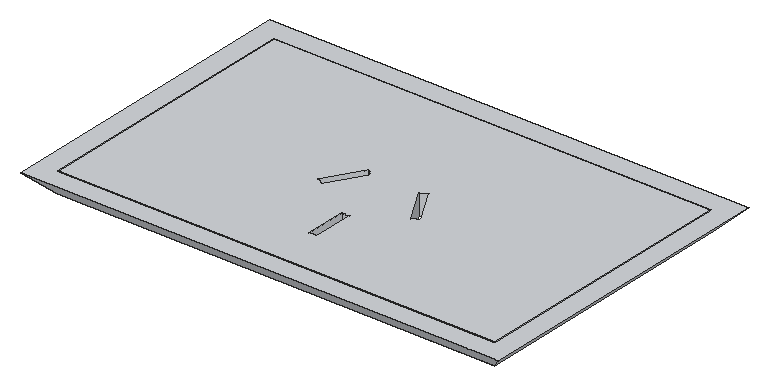
Revit family "Sample_Family_Seven", category Electrical Fixtures, Revit 2022
Family settings
  Round Connector Dimension = Use Diameter
  Part Type = Normal
  OmniClass Number = 23.80.50.00
  OmniClass Title = Terminals for Power Supply
  Work Plane-Based = No
  Always vertical = Yes
  Cut with Voids When Loaded = No
  Maintain Annotation Orientation = No
  Shared = Yes
  Room Calculation Point = Yes
Parameters (values of type "ELGP-125")
  WIDTH_BVN = 0 mm
  UniqueID = "2524"
  URL = ""
  Type Comments = ""
  Show_Vertical_Cut_Line [instance] = yes
  Show_Symbol_BVN [instance] = no
  Responsibility = "AR"
  ModifiedIssue = ""
  Model = ""
  Manufacturer = ""
  MOUNTING_HEIGHT_US_BVN = 0 mm
  MOUNTING_HEIGHT_TOP_BVN = 0 mm
  MOUNTING_HEIGHT_CENTRE_BVN = 0 mm
  Keynote = "ELGP-125"
  ItemGroup = "1"
  ItemDescription = "GPO: emergency power, single, ceiling mounted"
  ItemCode = "ELGP-125"
  HEIGHT_BVN = 0 mm
  GPO_TYPE_BVN = Sample_Family_Ten : RCP
  DetailedCategory = ""
  Default Elevation = 0 mm
  DEPTH_BVN = 0 mm
  Copyright = "BVN"  # constant formula
  Description = ""
  CEILING_HEIGHT_BVN [instance] = 2700 mm
  Author = "BVN"  # constant formula
  Assembly Code = "ELGP-125"
Reference planes
  plane 1 "Center (Front/Back)": y = -594.551
  plane 2: z = 0
  plane 3 "HEIGHT": z = 2700
  plane 4: x = -392.5
Forms (mm)
  Extrusion 1, solid
    sketch origin (0, 0, 2700) x (1, 0, 0) y (0, 1, 0)
      loop
        line (-340, -565.303) -> (-445, -565.303) -> (-445, -630.303) -> (-340, -630.303) -> (-340, -565.303)
      loop
        line (-393.5, -609.38) -> (-393.5, -619.38) -> (-391.5, -619.38) -> (-391.5, -609.38) -> (-393.5, -609.38)
      loop
        line (-399.897, -593.551) -> (-404.897, -602.211) -> (-403.165, -603.211) -> (-398.165, -594.551) -> (-399.897, -593.551)
      loop
        line (-385.103, -593.551) -> (-386.835, -594.551) -> (-381.835, -603.211) -> (-380.103, -602.211) -> (-385.103, -593.551)
    from 0 to -5
  Sweep 2, solid
    path origin (0, 0, 2700) x (1, 0, 0) y (0, 1, 0)
      loop
        line (-335, -560.303) -> (-450, -560.303) -> (-450, -635.303) -> (-335, -635.303) -> (-335, -560.303)
    profile origin (-335, -597.803, 2700) x (1, 0, 0) y (0, 0, 1)
      loop
        line (0, 0) -> (-5, 0) -> (-5, -5) -> (0, 0)
  Extrusion 3, solid
    sketch origin (0, 0, 2700) x (1, 0, 0) y (0, 1, 0)
      loop
        circle (-433.837, -575.98) r 5
    from -5 to -8
Lines and regions (mm)
  symbolic lines, style "InvisibleLines", detail levels medium+fine
    curve 1: line (-450, -594.551, 0) -> (-450, -594.551, 3510)
  model lines, style "InvisibleLines"
    curve 2: line (-392.5, -594.551, 2700) -> (-392.5, -594.551, 0)
Dimensions and locks
  "CEILING_HEIGHT_BVN": plane 3 "HEIGHT" to level
  aligned and locked: Sweep 2 sketch curve to plane 3 "HEIGHT"
  aligned and locked: level to curve 2
  aligned and locked: plane 3 "HEIGHT" to curve 2
  aligned and locked: curve 2 to plane 4
Automatic sketch dimensions
  curve 1 to plane 1 "Center (Front/Back)" = 0 mm
  curve 1 to level = 0 mm
  plane 3 "HEIGHT" to curve 1 = 810 mm
  profile plane to Sweep 2 sketch curve = 0 mm
  Sweep 2 sketch curve to profile plane = 5 mm
  Sweep 2 sketch curve to Sweep 2 sketch curve = 5 mm
  plane 1 "Center (Front/Back)" to Extrusion 1 sketch curve = 0 mm  (x2)
  Extrusion 1 sketch curve to plane 4 = 52.5 mm
  plane 1 "Center (Front/Back)" to Extrusion 1 sketch curve = 35.753 mm
  Extrusion 1 sketch curve to plane 4 = 12.397 mm
  Extrusion 1 sketch curve to Extrusion 1 sketch curve = 1.732 mm  (x2)
  Extrusion 1 sketch curve to plane 1 "Center (Front/Back)" = 1 mm  (x2)
  Extrusion 1 sketch curve to plane 4 = 7.397 mm
  Extrusion 1 sketch curve to plane 4 = 1 mm
  plane 4 to Extrusion 1 sketch curve = 1 mm
  plane 4 to Extrusion 1 sketch curve = 5.665 mm
  plane 1 "Center (Front/Back)" to Extrusion 1 sketch curve = 8.66 mm
  plane 4 to Extrusion 1 sketch curve = 52.5 mm
  Extrusion 1 sketch curve to Extrusion 1 sketch curve = 16.17 mm
  Extrusion 1 sketch curve to Extrusion 1 sketch curve = 10 mm
  Extrusion 1 sketch curve to plane 1 "Center (Front/Back)" = 29.247 mm
  Extrusion 3 sketch curve to plane 1 "Center (Front/Back)" = 18.57 mm
  Extrusion 3 sketch curve to plane 4 = 41.337 mm
  Sweep 2 sketch curve to plane 4 = 57.5 mm
  plane 1 "Center (Front/Back)" to Sweep 2 sketch curve = 40.753 mm
  plane 4 to Sweep 2 sketch curve = 57.5 mm
  Sweep 2 sketch curve to plane 1 "Center (Front/Back)" = 34.247 mm
  radius of Extrusion 3 sketch curve = 5 mm
Nested families
  nested 1: "Sample_Family_Ten" at (-392.5, -655.303, 0), visible <- "Show_Symbol_BVN", type "RCP"
  nested 2: "Sample_Family_Fourteen" at (-392.5, -508.886, 0) x (0, -1, 0) z (0, 0, 1), type "GENERIC_LABEL_TEXT_NESTED_BVN"
    with Radius_BVN 90.00°, Label_Text_BVN "E"
Definition of nested family "Sample_Family_Ten"
  Parameters (values of type "RCP")
    RCP = yes
    PLAN = not(RCP)  # no
  Reference planes
    plane 1: y = 0
    plane 2: x = 0
  Lines and regions (mm)
    detail lines, visible <- "RCP"
      curve 1: line (0, 1.4, 0) -> (0, 2, 0)
      curve 2: line (-1.4, 0, 0) -> (1.4, 0, 0)
      curve 3: arc (1.4, 0, 0) -> (0, 1.4, 0) -> (-1.4, 0, 0) r 1.4
      curve 4: line (0, 0, 0) -> (0, 1.297, 0)
      curve 5: line (0.284, 0.084, 0) -> (0.284, 1.371, 0)
      curve 6: line (0.498, 0.084, 0) -> (0.498, 1.308, 0)
      curve 7: line (0.746, 0.084, 0) -> (0.746, 1.185, 0)
      curve 8: line (1.026, 0, 0) -> (1.026, 0.953, 0)
      curve 9: line (1.245, 0, 0) -> (1.245, 0.641, 0)
      curve 10: line (-0.187, 0.084, 0) -> (-0.187, 1.387, 0)
      curve 11: line (-0.401, 0.084, 0) -> (-0.401, 1.341, 0)
      curve 12: line (-0.649, 0.084, 0) -> (-0.649, 1.24, 0)
      curve 13: line (-0.929, 0, 0) -> (-0.929, 1.047, 0)
      curve 14: line (-1.147, 0, 0) -> (-1.147, 0.6, 0)
    detail lines, visible <- "PLAN"
      curve 15: line (0, 1.4, 0) -> (0, 2, 0)
      curve 16: line (-1.4, 0, 0) -> (1.4, 0, 0)
      curve 17: arc (1.4, 0, 0) -> (0, 1.4, 0) -> (-1.4, 0, 0) r 1.4
      curve 18: line (0, 0, 0) -> (0, 1.297, 0)
      curve 19: line (0.284, 0.084, 0) -> (0.284, 1.371, 0)
      curve 20: line (0.498, 0.084, 0) -> (0.498, 1.308, 0)
      curve 21: line (0.746, 0.084, 0) -> (0.746, 1.185, 0)
      curve 22: line (1.026, 0, 0) -> (1.026, 0.953, 0)
      curve 23: line (1.245, 0, 0) -> (1.245, 0.641, 0)
      curve 24: line (-0.187, 0.084, 0) -> (-0.187, 1.387, 0)
      curve 25: line (-0.401, 0.084, 0) -> (-0.401, 1.341, 0)
      curve 26: line (-0.649, 0.084, 0) -> (-0.649, 1.24, 0)
      curve 27: line (-0.929, 0, 0) -> (-0.929, 1.047, 0)
      curve 28: line (-1.147, 0, 0) -> (-1.147, 0.6, 0)
Definition of nested family "Sample_Family_Fourteen"
  Parameters (values of type "Label_Text_Rotation_1_5mm_ANN")
    Radius_BVN [instance] = 90.00°
    Label_Text_BVN [instance] = "ER"
  Reference planes
    plane 1: y = 0
    plane 2: x = 0
  Dimensions and locks
    "Radius_BVN": angle plane 1 to nested 1
  Nested families
    nested 1: "Label_Text_1_5mm_ANN" at (0, -1.128, 0) x (0, 1, 0) z (0, 0, 1), LABEL_TEXT <- "Label_Text_BVN", type "GENERIC_LABEL_TEXT_BVN"
      with LABEL_TEXT "ER"
  Definition of nested family "Label_Text_1_5mm_ANN"
    Parameters
      LABEL_TEXT [instance] = ""
    Reference planes
      plane 1: y = 0
      plane 2: x = 0
    Text (mm)
      label "LABEL_TEXT" at (1.128, -0.09, 0), shows "LABEL_TEXT"
